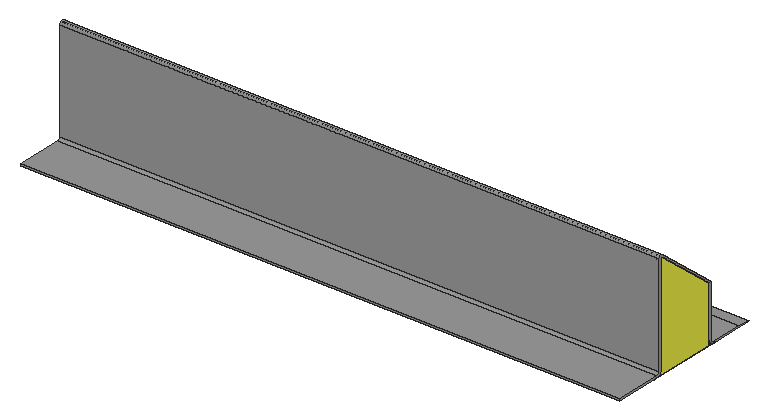
Revit family "SK 130", category Generic Models, Revit 2014
Parameters (values of type "Max lintel length 4800mm")
  URL = "http://www.keystonelintels.co.uk"
  Structural Opening [instance] = 900 mm
  Structural Performance = "The Keystone lintel range has safe working loads as detailed in each applicable loading table in the Keystone Lintel Guide brochure. The structural performance figures within each table have been ascertained by testing in accordance with the requirements of standards BS EN 5977-2: 1983 and BS EN 845-2: 2003."
  RIBA Productor Selector = "available for Keystone Lintels Ltd from Keystone Lintels Ltd from ribaproductselector.com"
  Model = "S/K 130"
  Min Length = 600 mm
  Min Clear Span = 300 mm
  Max Length = 4800 mm
  Max Clear Span = 4800 mm
  Material - Stainless Steel = "Grade 304 2b 1.4307 to BS EN 10088-2. Other grades available on request: contact manufacturer."
  Material - Galvanised Steel = "To BS EN 10346: 2009. DX51D plus Z600 or grade Z275 to BS 5977-2: 1983 (BS EN 845-2: 2003)."
  Manufacturer = "Keystone"
  Manufactured Length [instance] = (roundup(Effective Length / 150 mm) * 150 mm)  # 1200 mm
  Lintel height [instance] = 2100 mm
  Keynote = "F30/755"
  Fire Performance = "Keystone lintels have been subjected to a fire test (WARRES No. 101263) in accordance with BS 476-20: 1987, at Exova Warrington Fire and achieved a one hour fire performance."
  End Bearing = 150 mm
  Effective Length [instance] = Clear Opening with MIN MAX set + End Bearing * 2  # 1200 mm
  Corrosion = "Keystone’s standard range of lintels are manufactured from high quality grade pre-galvanized carbon steel with a zinc coating of 600"
  Contact Tel = "+44 (0)28 8676 2184"
  Contact Email = "info@keystonelintels.co.uk"
  Clear Opening with MIN MAX set [instance] = if(Structural Opening < Min Clear Span, Min Clear Span, (if(Structural Opening > Max Clear Span, Max Clear Span, Structural Opening)))  # 900 mm
  CPD Information = "Available for Keystone Lintels Ltd from ribacpd.com"
Reference planes
  plane 1 "Center (Front/Back)": y = 0
  plane 2: z = 0
  plane 3 "Center (Left/Right)": x = 0
  plane 4: x = -600
  plane 5: x = 600
  plane 6: z = 2100
  plane 7: x = -450
  plane 8: x = 450
Forms (mm)
  Extrusion 1, solid, material "Steel"
    sketch origin (0, 713.204, -503.246) x (0, 1, 0) y (0, 0, 1)
      loop
        line (-580.486, 2606.446) -> (-645.486, 2606.446)
        arc (-645.486, 2606.446) -> (-649.022, 2607.91) -> (-650.486, 2611.446) r 5
        line (-650.486, 2611.446) -> (-650.486, 2714.808)
        arc (-650.486, 2714.808) -> (-650.976, 2717.011) -> (-652.353, 2718.799) r 5.2
        line (-652.353, 2718.799) -> (-769.953, 2817.027)
        arc (-769.953, 2817.027) -> (-775.489, 2817.747) -> (-778.486, 2813.037) r 5.2
        line (-778.486, 2813.037) -> (-778.486, 2611.446)
        arc (-778.486, 2611.446) -> (-779.951, 2607.91) -> (-783.486, 2606.446) r 5
        line (-783.486, 2606.446) -> (-878.486, 2606.446) -> (-878.486, 2603.246) -> (-783.486, 2603.246)
        arc (-783.486, 2603.246) -> (-777.688, 2605.647) -> (-775.286, 2611.446) r 8.2
        line (-775.286, 2611.446) -> (-775.286, 2813.037)
        arc (-775.286, 2813.037) -> (-774.133, 2814.848) -> (-772.004, 2814.572) r 2
        line (-772.004, 2814.572) -> (-654.404, 2716.343)
        arc (-654.404, 2716.343) -> (-653.875, 2715.655) -> (-653.686, 2714.808) r 2
        line (-653.686, 2714.808) -> (-653.686, 2611.446)
        arc (-653.686, 2611.446) -> (-651.284, 2605.647) -> (-645.486, 2603.246) r 8.2
        line (-645.486, 2603.246) -> (-580.544, 2603.246) -> (-555.602, 2602.34) -> (-555.486, 2605.538) -> (-580.486, 2606.446)
    from -600 to 600
  Extrusion 2, solid, material "Insulation"
    sketch origin (0, 713.204, -503.246) x (0, 1, 0) y (0, 0, 1)
      loop
        arc (-645.486, 2603.246) -> (-651.284, 2605.647) -> (-653.686, 2611.446) r 8.2
        line (-653.686, 2611.446) -> (-653.686, 2714.808)
        arc (-653.686, 2714.808) -> (-653.875, 2715.655) -> (-654.404, 2716.343) r 2
        line (-654.404, 2716.343) -> (-772.004, 2814.572)
        arc (-772.004, 2814.572) -> (-774.133, 2814.848) -> (-775.286, 2813.037) r 2
        line (-775.286, 2813.037) -> (-775.286, 2611.446)
        arc (-775.286, 2611.446) -> (-777.688, 2605.647) -> (-783.486, 2603.246) r 8.2
        line (-783.486, 2603.246) -> (-654.996, 2603.246) -> (-654.996, 2611.246) -> (-653.996, 2611.246) -> (-653.996, 2603.246) -> (-651.527, 2603.246) -> (-645.486, 2603.246)
    from -600 to 600
  Extrusion 3, solid, material "Steel"
    sketch origin (0, 713.204, -503.246) x (0, 1, 0) y (0, 0, 1)
      loop
        line (-636.996, 2603.246) -> (-651.527, 2603.246) -> (-653.996, 2603.246) -> (-653.996, 2611.246) -> (-654.996, 2611.246) -> (-654.996, 2603.246) -> (-792.027, 2603.246) -> (-792.027, 2602.246) -> (-636.996, 2602.246) -> (-636.996, 2603.246)
    from -600 to 600
  Extrusion 4, solid, not visible
    sketch origin (0, 955.605, 1226.138) x (0, 1, 0) y (0, 0, 1)
      loop
        line (-580.486, 1006.446) -> (-645.486, 1006.446)
        arc (-645.486, 1006.446) -> (-649.022, 1007.91) -> (-650.486, 1011.446) r 5
        line (-650.486, 1011.446) -> (-650.486, 1114.808)
        arc (-650.486, 1114.808) -> (-650.976, 1117.011) -> (-652.353, 1118.799) r 5.2
        line (-652.353, 1118.799) -> (-769.953, 1217.027)
        arc (-769.953, 1217.027) -> (-775.489, 1217.747) -> (-778.486, 1213.037) r 5.2
        line (-778.486, 1213.037) -> (-778.486, 1011.446)
        arc (-778.486, 1011.446) -> (-779.951, 1007.91) -> (-783.486, 1006.446) r 5
        line (-783.486, 1006.446) -> (-878.486, 1006.446) -> (-878.486, 1003.246) -> (-783.486, 1003.246)
        arc (-783.486, 1003.246) -> (-777.688, 1005.647) -> (-775.286, 1011.446) r 8.2
        line (-775.286, 1011.446) -> (-775.286, 1213.037)
        arc (-775.286, 1213.037) -> (-774.133, 1214.848) -> (-772.004, 1214.572) r 2
        line (-772.004, 1214.572) -> (-654.404, 1116.343)
        arc (-654.404, 1116.343) -> (-653.875, 1115.655) -> (-653.686, 1114.808) r 2
        line (-653.686, 1114.808) -> (-653.686, 1011.446)
        arc (-653.686, 1011.446) -> (-651.284, 1005.647) -> (-645.486, 1003.246) r 8.2
        line (-645.486, 1003.246) -> (-580.544, 1003.246) -> (-555.602, 1002.34) -> (-555.486, 1005.538) -> (-580.486, 1006.446)
    from 0 to 250
  Extrusion 5, solid, not visible
    sketch origin (0, 1187.937, 1003.539) x (0, 1, 0) y (0, 0, 1)
      loop
        line (-636.996, 1003.246) -> (-651.527, 1003.246) -> (-653.996, 1003.246) -> (-653.996, 1011.246) -> (-654.996, 1011.246) -> (-654.996, 1003.246) -> (-792.027, 1003.246) -> (-792.027, 1002.246) -> (-636.996, 1002.246) -> (-636.996, 1003.246)
    from 0 to 250
  Extrusion 6, solid, not visible
    sketch origin (0, 998.322, 818.796) x (0, 1, 0) y (0, 0, 1)
      loop
        arc (-645.486, 1003.246) -> (-651.284, 1005.647) -> (-653.686, 1011.446) r 8.2
        line (-653.686, 1011.446) -> (-653.686, 1114.808)
        arc (-653.686, 1114.808) -> (-653.875, 1115.655) -> (-654.404, 1116.343) r 2
        line (-654.404, 1116.343) -> (-772.004, 1214.572)
        arc (-772.004, 1214.572) -> (-774.133, 1214.848) -> (-775.286, 1213.037) r 2
        line (-775.286, 1213.037) -> (-775.286, 1011.446)
        arc (-775.286, 1011.446) -> (-777.688, 1005.647) -> (-783.486, 1003.246) r 8.2
        line (-783.486, 1003.246) -> (-654.996, 1003.246) -> (-654.996, 1011.246) -> (-653.996, 1011.246) -> (-653.996, 1003.246) -> (-651.527, 1003.246) -> (-645.486, 1003.246)
    from 0 to 250
Dimensions and locks
  equal spacing: plane 4, plane 3 "Center (Left/Right)", plane 5
  "Manufactured Length": plane 4 to plane 5
  "Lintel height": plane 6 to level
  "Structural Opening": plane 7 to plane 8
  equal spacing: plane 7, plane 3 "Center (Left/Right)", plane 8
  aligned and locked: level to plane 2
  aligned and locked: Extrusion 1 to plane 6
  aligned and locked: Extrusion 2 to plane 6
  aligned and locked: plane 6 to Extrusion 3
  aligned and locked: plane 5 to Extrusion 1
  aligned and locked: Extrusion 1 to plane 4
  aligned and locked: plane 5 to Extrusion 2
  aligned and locked: Extrusion 2 to plane 4
  aligned and locked: plane 5 to Extrusion 3
  aligned and locked: Extrusion 3 to plane 4
Automatic sketch dimensions
  Extrusion 1 sketch curve to Extrusion 1 sketch curve = 65 mm
  Extrusion 1 sketch curve to Extrusion 1 sketch curve = 25 mm
  Extrusion 1 sketch curve to Extrusion 1 sketch curve = 0.908 mm
  Extrusion 1 sketch curve to Extrusion 1 sketch curve = 0.116 mm
  Extrusion 1 sketch curve to Extrusion 1 sketch curve = 0.058 mm
  Extrusion 1 sketch curve to Extrusion 1 sketch curve = 5 mm  (x2)
  Extrusion 1 sketch curve to Extrusion 1 sketch curve = 0 mm  (x15)
  Extrusion 1 sketch curve to Extrusion 1 sketch curve = 103.362 mm
  Extrusion 1 sketch curve to Extrusion 1 sketch curve = 2 mm
  Extrusion 1 sketch curve to Extrusion 1 sketch curve = 0.718 mm
  Extrusion 1 sketch curve to Extrusion 1 sketch curve = 2.051 mm  (x2)
  Extrusion 1 sketch curve to Extrusion 1 sketch curve = 117.6 mm
  Extrusion 1 sketch curve to Extrusion 1 sketch curve = 98.229 mm
  Extrusion 1 sketch curve to Extrusion 1 sketch curve = 2.456 mm
  Extrusion 1 sketch curve to Extrusion 1 sketch curve = 1.282 mm
  Extrusion 1 sketch curve to Extrusion 1 sketch curve = 1.535 mm
  Extrusion 1 sketch curve to Extrusion 1 sketch curve = 95 mm
  Extrusion 2 sketch curve to Extrusion 2 sketch curve = 2 mm
  Extrusion 2 sketch curve to Extrusion 2 sketch curve = 1.282 mm  (x2)
  Extrusion 2 sketch curve to Extrusion 2 sketch curve = 117.6 mm
  Extrusion 2 sketch curve to Extrusion 2 sketch curve = 0.69 mm
  Extrusion 2 sketch curve to Extrusion 2 sketch curve = 1 mm
  Extrusion 2 sketch curve to Extrusion 2 sketch curve = 0.31 mm
  Extrusion 2 sketch curve to Extrusion 2 sketch curve = 2.469 mm
  Extrusion 2 sketch curve to Extrusion 2 sketch curve = 6.041 mm
  Extrusion 2 sketch curve to Extrusion 2 sketch curve = 0 mm
  Extrusion 2 sketch curve to Extrusion 2 sketch curve = 0.2 mm
  Extrusion 2 sketch curve to Extrusion 2 sketch curve = 8.2 mm
  Extrusion 2 sketch curve to Extrusion 2 sketch curve = 103.362 mm
  Extrusion 2 sketch curve to Extrusion 2 sketch curve = 98.229 mm
  Extrusion 3 sketch curve to Extrusion 3 sketch curve = 2.469 mm
  Extrusion 3 sketch curve to Extrusion 3 sketch curve = 14.531 mm
  Extrusion 3 sketch curve to Extrusion 3 sketch curve = 8 mm
  Extrusion 3 sketch curve to Extrusion 3 sketch curve = 1 mm  (x2)
  Extrusion 3 sketch curve to Extrusion 3 sketch curve = 0 mm
  Extrusion 3 sketch curve to Extrusion 3 sketch curve = 137.031 mm
  Extrusion 4 sketch curve to Extrusion 4 sketch curve = 65 mm
  Extrusion 4 sketch curve to Extrusion 4 sketch curve = 25 mm
  Extrusion 4 sketch curve to Extrusion 4 sketch curve = 0.908 mm
  Extrusion 4 sketch curve to Extrusion 4 sketch curve = 0.116 mm
  Extrusion 4 sketch curve to Extrusion 4 sketch curve = 0.058 mm
  Extrusion 4 sketch curve to Extrusion 4 sketch curve = 5 mm  (x2)
  Extrusion 4 sketch curve to Extrusion 4 sketch curve = 0 mm  (x15)
  Extrusion 4 sketch curve to Extrusion 4 sketch curve = 103.362 mm
  Extrusion 4 sketch curve to Extrusion 4 sketch curve = 2 mm
  Extrusion 4 sketch curve to Extrusion 4 sketch curve = 0.718 mm
  Extrusion 4 sketch curve to Extrusion 4 sketch curve = 2.051 mm  (x2)
  Extrusion 4 sketch curve to Extrusion 4 sketch curve = 117.6 mm
  Extrusion 4 sketch curve to Extrusion 4 sketch curve = 98.229 mm
  Extrusion 4 sketch curve to Extrusion 4 sketch curve = 2.456 mm
  Extrusion 4 sketch curve to Extrusion 4 sketch curve = 1.282 mm
  Extrusion 4 sketch curve to Extrusion 4 sketch curve = 1.535 mm
  Extrusion 4 sketch curve to Extrusion 4 sketch curve = 95 mm
  Extrusion 5 sketch curve to Extrusion 5 sketch curve = 2.469 mm
  Extrusion 5 sketch curve to Extrusion 5 sketch curve = 14.531 mm
  Extrusion 5 sketch curve to Extrusion 5 sketch curve = 8 mm
  Extrusion 5 sketch curve to Extrusion 5 sketch curve = 1 mm  (x2)
  Extrusion 5 sketch curve to Extrusion 5 sketch curve = 0 mm
  Extrusion 5 sketch curve to Extrusion 5 sketch curve = 137.031 mm
  Extrusion 6 sketch curve to Extrusion 6 sketch curve = 2 mm
  Extrusion 6 sketch curve to Extrusion 6 sketch curve = 1.282 mm  (x2)
  Extrusion 6 sketch curve to Extrusion 6 sketch curve = 117.6 mm
  Extrusion 6 sketch curve to Extrusion 6 sketch curve = 0.69 mm
  Extrusion 6 sketch curve to Extrusion 6 sketch curve = 1 mm
  Extrusion 6 sketch curve to Extrusion 6 sketch curve = 0.31 mm
  Extrusion 6 sketch curve to Extrusion 6 sketch curve = 2.469 mm
  Extrusion 6 sketch curve to Extrusion 6 sketch curve = 6.041 mm
  Extrusion 6 sketch curve to Extrusion 6 sketch curve = 0 mm
  Extrusion 6 sketch curve to Extrusion 6 sketch curve = 0.2 mm
  Extrusion 6 sketch curve to Extrusion 6 sketch curve = 8.2 mm
  Extrusion 6 sketch curve to Extrusion 6 sketch curve = 103.362 mm
  Extrusion 6 sketch curve to Extrusion 6 sketch curve = 98.229 mm
  Extrusion 1 sketch curve to plane 6 = 0 mm
  plane 1 "Center (Front/Back)" to Extrusion 1 sketch curve = 165.282 mm
  Extrusion 3 sketch curve to plane 6 = 0 mm
  plane 1 "Center (Front/Back)" to Extrusion 3 sketch curve = 78.823 mm
  Extrusion 2 sketch curve to plane 6 = 0 mm
  plane 1 "Center (Front/Back)" to Extrusion 2 sketch curve = 70.282 mm
